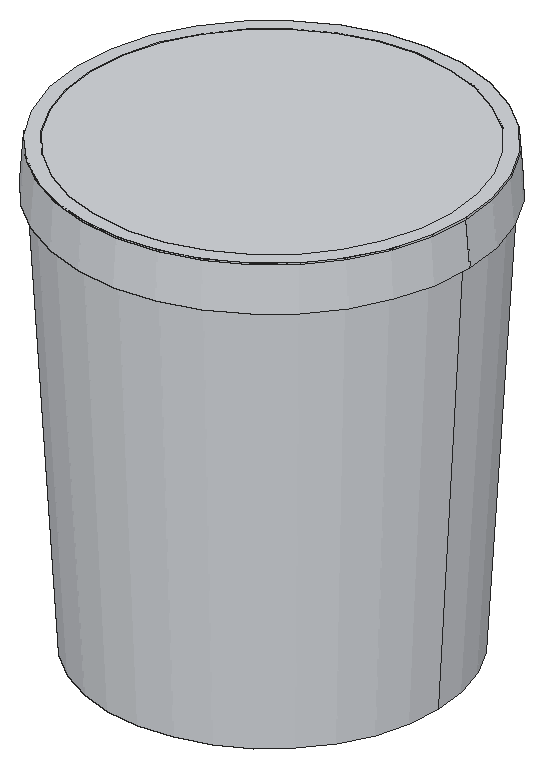
Revit family "AX89-PL-N-30L_0002", category Appareils sanitaires, Revit 2016
Family settings
  Type d'élément = Normal
  Cote de connecteur circulaire = Utiliser le diamètre
  Basée sur le plan de construction = Non
  Toujours verticalement = Oui
  Couper avec des vides une fois chargée = Non
  Partagée = Non
  Point de calcul de pièce = Non
Parameters
  URL = "http://www.axeuro.com"
  Modèle = "AX89-PL-N-30L"  # constant formula
  Matériaux = "Plastique"  # constant formula
  Finition = "Noir"  # constant formula
  Fabricant = "Axeuro"  # constant formula
  Description = "Poubelle"  # constant formula
Reference planes
  plane 1 "Centre (avant/arrière)": y = 0
  plane 2: z = 0
  plane 3 "Centre (gauche/droite)": x = 0
Forms (mm)
  Blend 1, solid
    base sketch origin (0, 0, 0) x (1, 0, 0) y (0, 1, 0)
      loop
        circle (0, 0) r 152.5
    top sketch origin (0, 0, 0) x (1, 0, 0) y (0, 1, 0)
      loop
        circle (0, 0) r 177
    from 0 to 410
  Blend 2, solid
    base sketch origin (0, 0, 0) x (1, 0, 0) y (0, 1, 0)
      loop
        circle (0, 0) r 177
    top sketch origin (0, 0, 0) x (1, 0, 0) y (0, 1, 0)
      loop
        circle (0, 0) r 180
    from 410 to 370
  Blend 3, void
    base sketch origin (0, 0, 0) x (1, 0, 0) y (0, 1, 0)
      loop
        circle (0, 0) r 140.5
    top sketch origin (0, 0, 0) x (1, 0, 0) y (0, 1, 0)
      loop
        circle (0, 0) r 165
    from 16.729 to 410
Cuts and joins
  Blend 3 cuts Blend 1
Lines and regions (mm)
  reference lines
    curve 1: line (0, 100, 0) -> (0, 100, 410)
Dimensions and locks
  aligned and locked: level to plane 2
